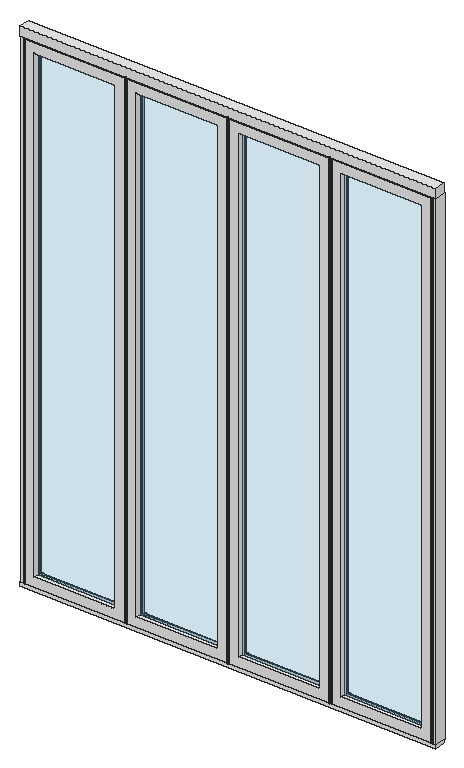
Revit family "98134", category Windows, host Wall, Revit 2018 (continued)
Definition of nested family "Sash_SL-70_NanaWall"
  Automatic sketch dimensions
    curve 2 to plane 8 "Left Interior Edge of Sash" = 0"
    curve 2 to plane 12 "Right Interior Edge of Sash" = 0"
    plane 8 "Left Interior Edge of Sash" to curve 3 = 0.27559"
    plane 11 "Left Edge" to curve 1 = 209/256"
    plane 12 "Right Interior Edge of Sash" to curve 3 = 0.26726"
    plane 13 "Right Edge" to curve 1 = 0.81559"
    plane 5 "Exterior" to curve 3 = 0.38207"
Definition of nested family "Header_SL-70"
  Parameters
    Width = 120"
    Height = 144"
    Header = none
    Half = no
    Assembly Code = ""
  Reference planes
    plane 1 "Center (Front/Back)": y = 0
    plane 2: z = 0
    plane 3 "Center (Left/Right)": x = -185.473
    plane 4 "Left": x = -1709.473
    plane 5 "Right": x = 1338.527
    plane 6 "Top": z = 3657.6
  Forms (mm)
    Sweep 1, solid, material <- "Header"
      path origin (-1704.233, -4572, 3657.6) x (-1, 0, 0) y (0, -1, 0)
        loop
          line (5.24, -4575.473) -> (-3042.76, -4575.473)
      profile origin (-185.473, 3.473, 3657.6) x (0, 1, 0) y (0, 0, 1)
        loop
          line (36.5, 0) -> (-43.5, 0) -> (-43.5, -65) -> (36.5, -65) -> (36.5, 0)
  Dimensions and locks
    equal spacing: plane 4 "Left", plane 3 "Center (Left/Right)", plane 5 "Right"
    "Width": plane 4 "Left" to plane 5 "Right"
    "Height": plane 6 "Top" to level
    aligned and locked: Sweep 1 to nested 1
    aligned and locked: plane 6 "Top" to nested 1
    aligned and locked: Sweep 1 sketch curve to nested 1  (x3)
  Automatic sketch dimensions
    Sweep 1 sketch curve to plane 5 "Right" = 0"
    Sweep 1 sketch curve to plane 4 "Left" = 0"
    Sweep 1 sketch curve to plane 1 "Center (Front/Back)" = 35/256"
    Sweep 1 sketch curve to plane 6 "Top" = 0"
  Nested families
    nested 1: "Detail Item_Header_SL-70" at (-185.473, 1.094, 3656.875) x (0, -1, 0) z (1, 0, 0), type "Detail Item_Header_SL-70", detail levels fine
      with Half no
  Definition of nested family "Detail Item_Header_SL-70"
    Parameters
      SmartBIM Object Version = 1
      SmartBIM Object Created By = "Reed Construction Data"
      Half = yes
      Assembly Code = ""
      95 CSI = ""
      04 CSI = ""
    Reference planes
      plane 1 "Center (Front/Back)": y = 0.725
      plane 2: z = 0
      plane 3 "Center (Left/Right)": x = 0
    Lines and regions (mm)
      model lines, in view "Ref. Level", visible <- "Half"
        curve 1: line (-27.079, -79.775, 0) -> (-27.079, -84.775, 0)
        curve 2: arc (22.521, -50.175, 0) -> (22.375, -49.821, 0) -> (22.021, -49.675, 0) r 0.5
        curve 3: arc (22.021, -53.075, 0) -> (22.375, -52.929, 0) -> (22.521, -52.575, 0) r 0.5
        curve 4: arc (20.521, -52.575, 0) -> (20.668, -52.929, 0) -> (21.021, -53.075, 0) r 0.5
        curve 5: arc (20.271, -53.875, 0) -> (20.165, -53.919, 0) -> (20.121, -54.025, 0) r 0.15
        curve 6: arc (18.921, -54.975, 0) -> (19.214, -55.682, 0) -> (19.921, -55.975, 0) r 1
        curve 7: arc (21.397, -54.512, 0) -> (21.406, -54.756, 0) -> (21.62, -54.875, 0) r 0.25
        curve 8: arc (17.338, -42.629, 0) -> (16.687, -45.806, 0) -> (16.734, -49.048, 0) r 15
        curve 9: arc (18.432, -43.151, 0) -> (17.874, -46, 0) -> (17.925, -48.902, 0) r 13.8
        curve 10: arc (21.919, -45.821, 0) -> (21.378, -43.628, 0) -> (19.979, -41.855, 0) r 5.341
        curve 11: arc (16.734, -49.048, 0) -> (17.403, -49.57, 0) -> (17.925, -48.902, 0) r 0.6
        curve 12: arc (20.121, -48.725, 0) -> (20.165, -48.831, 0) -> (20.271, -48.875, 0) r 0.15
        curve 13: arc (21.021, -49.675, 0) -> (20.668, -49.821, 0) -> (20.521, -50.175, 0) r 0.5
        curve 14: arc (20.271, -45.975, 0) -> (20.165, -46.019, 0) -> (20.121, -46.125, 0) r 0.15
        curve 15: arc (21.839, -47.875, 0) -> (21.625, -47.994, 0) -> (21.616, -48.238, 0) r 0.25
        curve 16: arc (21.769, -45.975, 0) -> (21.876, -45.93, 0) -> (21.919, -45.821, 0) r 0.15
        curve 17: arc (19.979, -41.855, 0) -> (18.453, -41.542, 0) -> (17.338, -42.629, 0) r 1.662
        curve 18: arc (18.921, -43.225, 0) -> (18.708, -42.978, 0) -> (18.432, -43.151, 0) r 0.25
        curve 19: arc (14.741, -95.583, 0) -> (15.465, -95.038, 0) -> (15.451, -94.131, 0) r 1
        curve 20: arc (11.929, -100.639, 0) -> (14.216, -99.615, 0) -> (15.446, -97.433, 0) r 4
        curve 21: arc (15.446, -97.433, 0) -> (15.339, -97.076, 0) -> (14.984, -96.962, 0) r 0.4
        curve 22: arc (11.929, -100.639, 0) -> (11.13, -101.658, 0) -> (12.177, -102.42, 0) r 0.9
        curve 23: arc (11.7, -96.119, 0) -> (11.132, -96.93, 0) -> (11.943, -97.498, 0) r 0.7
        curve 24: arc (12.628, -85.36, 0) -> (11.547, -85.027, 0) -> (11.214, -86.108, 0) r 0.8
        curve 25: arc (-13.558, -96.371, 0) -> (-14.47, -96.16, 0) -> (-15.405, -96.12, 0) r 5.106
        curve 26: arc (-16.712, -100.13, 0) -> (-15.487, -100.966, 0) -> (-14.089, -101.462, 0) r 5.76
        curve 27: arc (-15.929, -95.621, 0) -> (-15.774, -95.983, 0) -> (-15.405, -96.12, 0) r 0.5
        curve 28: arc (-18.948, -95.963, 0) -> (-18.321, -95.248, 0) -> (-18.095, -94.325, 0) r 2
        curve 29: arc (-15.929, -90.175, 0) -> (-16.133, -89.615, 0) -> (-16.679, -89.375, 0) r 0.759
        curve 30: arc (-18.095, -93.325, 0) -> (-18.321, -92.402, 0) -> (-18.948, -91.687, 0) r 2
        curve 31: arc (-19.258, -90.754, 0) -> (-19.402, -91.151, 0) -> (-19.191, -91.517, 0) r 0.5
        curve 32: arc (-19.191, -96.133, 0) -> (-19.402, -96.499, 0) -> (-19.258, -96.896, 0) r 0.5
        curve 33: arc (-16.879, -99.775, 0) -> (-16.831, -99.97, 0) -> (-16.712, -100.13, 0) r 0.5
        curve 34: arc (-14.089, -101.462, 0) -> (-13.25, -101.262, 0) -> (-12.879, -100.484, 0) r 1
        curve 35: arc (-12.879, -97.318, 0) -> (-13.066, -96.735, 0) -> (-13.558, -96.371, 0) r 1
        curve 37: line (23.421, -49.165, 0) -> (22.131, -47.875, 0)
        curve 38: line (21.912, -54.875, 0) -> (23.421, -53.365, 0)
        curve 39: line (18.921, -43.225, 0) -> (18.921, -54.975, 0)
        curve 40: line (20.121, -55.975, 0) -> (20.121, -54.025, 0)
        curve 41: line (20.271, -53.875, 0) -> (21.721, -53.875, 0)
        curve 42: line (21.721, -53.875, 0) -> (21.397, -54.512, 0)
        curve 43: line (21.62, -54.875, 0) -> (21.849, -54.875, 0)
        curve 44: line (22.021, -53.075, 0) -> (21.021, -53.075, 0)
        curve 45: line (21.616, -48.238, 0) -> (21.94, -48.875, 0)
        curve 46: line (21.94, -48.875, 0) -> (20.271, -48.875, 0)
        curve 47: line (21.021, -49.675, 0) -> (22.021, -49.675, 0)
        curve 48: line (20.521, -52.575, 0) -> (20.521, -50.175, 0)
        curve 49: line (20.121, -48.725, 0) -> (20.121, -46.125, 0)
        curve 50: line (22.068, -47.875, 0) -> (21.839, -47.875, 0)
        curve 51: line (20.271, -45.975, 0) -> (21.769, -45.975, 0)
        curve 52: line (23.421, -53.365, 0) -> (23.421, -49.165, 0)
        curve 53: line (22.521, -50.175, 0) -> (22.521, -52.575, 0)
        curve 54: line (-31.679, -62.925, 0) -> (-31.679, -58.125, 0)
        curve 55: line (-31.679, -58.125, 0) -> (-32.679, -58.125, 0)
        curve 56: line (-32.679, -58.125, 0) -> (-32.679, -62.925, 0)
        curve 57: line (-32.679, -62.925, 0) -> (-31.679, -62.925, 0)
        curve 58: line (-28.679, -60.525, 0) -> (-31.679, -60.525, 0)
        curve 59: line (-31.679, -60.525, 0) -> (-28.679, -59.996, 0)
        curve 60: line (-31.679, -59.51, 0) -> (-28.679, -58.981, 0)
        curve 61: line (-31.679, -60.017, 0) -> (-28.679, -59.488, 0)
        curve 62: line (-31.679, -60.525, 0) -> (-28.679, -61.054, 0)
        curve 63: line (-31.679, -61.033, 0) -> (-28.679, -61.562, 0)
        curve 64: line (-31.679, -61.54, 0) -> (-28.679, -62.069, 0)
        curve 65: line (41.121, -99.775, 0) -> (18.121, -99.775, 0)
        curve 66: line (18.121, -99.775, 0) -> (18.121, -97.275, 0)
        curve 67: line (18.121, -97.275, 0) -> (18.921, -97.275, 0)
        curve 68: line (18.921, -97.275, 0) -> (12.628, -85.36, 0)
        curve 69: line (14.741, -95.583, 0) -> (11.7, -96.119, 0)
        curve 70: line (11.943, -97.498, 0) -> (14.984, -96.962, 0)
        curve 71: line (12.177, -102.42, 0) -> (19.321, -101.161, 0)
        curve 72: line (19.321, -101.161, 0) -> (20.121, -99.775, 0)
        curve 73: line (20.121, -99.775, 0) -> (18.121, -99.775, 0)
        curve 74: line (11.214, -86.108, 0) -> (15.451, -94.131, 0)
        curve 75: line (-19.258, -90.754, 0) -> (-17.879, -89.375, 0)
        curve 76: line (-17.879, -89.375, 0) -> (-17.879, -90.175, 0)
        curve 77: line (-17.879, -90.175, 0) -> (-16.879, -90.175, 0)
        curve 78: line (-16.879, -90.175, 0) -> (-16.879, -89.375, 0)
        curve 79: line (-16.879, -89.375, 0) -> (-16.679, -89.375, 0)
        curve 80: line (-18.948, -91.687, 0) -> (-19.191, -91.517, 0)
        curve 81: line (-18.095, -94.325, 0) -> (-18.095, -93.325, 0)
        curve 82: line (-15.929, -90.175, 0) -> (-15.929, -95.621, 0)
        curve 83: line (-16.879, -99.775, 0) -> (-16.879, -97.275, 0)
        curve 84: line (-16.879, -97.275, 0) -> (-17.879, -97.275, 0)
        curve 85: line (-17.879, -97.275, 0) -> (-17.879, -98.275, 0)
        curve 86: line (-17.879, -98.275, 0) -> (-19.258, -96.896, 0)
        curve 87: line (-19.191, -96.133, 0) -> (-18.948, -95.963, 0)
        curve 88: line (-12.879, -100.484, 0) -> (-12.879, -97.318, 0)
        curve 173: arc (-9.611, -78.183, 0) -> (-9.504, -78.343, 0) -> (-9.321, -78.405, 0) r 0.3
        curve 174: arc (-8.679, -79.405, 0) -> (-8.113, -79.171, 0) -> (-7.879, -78.605, 0) r 0.8
        curve 175: arc (-8.822, -79.405, 0) -> (-8.937, -79.428, 0) -> (-9.034, -79.493, 0) r 0.3
        curve 176: arc (-9.452, -79.811, 0) -> (-9.367, -79.799, 0) -> (-9.294, -79.753, 0) r 0.2
        curve 177: arc (-10.953, -79.679, 0) -> (-11.695, -79.297, 0) -> (-12.379, -79.775, 0) r 0.808
        curve 178: arc (-16.179, -78.275, 0) -> (-16.338, -78.353, 0) -> (-16.372, -78.527, 0) r 0.2
        curve 179: arc (-27.079, -92.775, 0) -> (-25.633, -96.373, 0) -> (-22.1, -97.97, 0) r 5.2
        curve 180: arc (-22.1, -97.97, 0) -> (-21.733, -97.832, 0) -> (-21.579, -97.471, 0) r 0.5
        curve 181: arc (-20.079, -87.975, 0) -> (-21.14, -88.414, 0) -> (-21.579, -89.475, 0) r 1.5
        curve 182: arc (-16.879, -89.175, 0) -> (-17.23, -88.326, 0) -> (-18.079, -87.975, 0) r 1.2
        curve 183: arc (-28.879, -92.775, 0) -> (-26.829, -97.725, 0) -> (-21.879, -99.775, 0) r 7
        curve 184: arc (-28.879, -56.275, 0) -> (-26.55, -56.425, 0) -> (-24.22, -56.275, 0) r 18.161
        curve 185: arc (-24.079, -57.775, 0) -> (-23.92, -57.697, 0) -> (-23.886, -57.523, 0) r 0.2
        curve 186: arc (-16.372, -57.523, 0) -> (-16.338, -57.697, 0) -> (-16.179, -57.775, 0) r 0.2
        curve 187: arc (-12.379, -56.275, 0) -> (-11.695, -56.753, 0) -> (-10.953, -56.371, 0) r 0.808
        curve 188: arc (-9.242, -56.49, 0) -> (-9.282, -56.31, 0) -> (-9.452, -56.239, 0) r 0.2
        curve 189: arc (8.563, -78.405, 0) -> (8.746, -78.343, 0) -> (8.853, -78.183, 0) r 0.3
        curve 190: arc (7.121, -78.605, 0) -> (7.355, -79.171, 0) -> (7.921, -79.405, 0) r 0.8
        curve 191: arc (8.276, -79.493, 0) -> (8.179, -79.428, 0) -> (8.064, -79.405, 0) r 0.3
        curve 192: arc (8.536, -79.753, 0) -> (8.609, -79.799, 0) -> (8.695, -79.811, 0) r 0.2
        curve 193: arc (11.621, -79.775, 0) -> (10.937, -79.297, 0) -> (10.195, -79.679, 0) r 0.808
        curve 194: arc (15.614, -78.527, 0) -> (15.58, -78.353, 0) -> (15.421, -78.275, 0) r 0.2
        curve 195: arc (23.321, -78.275, 0) -> (23.162, -78.353, 0) -> (23.128, -78.527, 0) r 0.2
        curve 196: arc (28.614, -78.527, 0) -> (28.58, -78.353, 0) -> (28.421, -78.275, 0) r 0.2
        curve 197: arc (36.321, -78.275, 0) -> (36.162, -78.353, 0) -> (36.128, -78.527, 0) r 0.2
        curve 198: arc (41.121, -79.775, 0) -> (38.792, -79.625, 0) -> (36.462, -79.775, 0) r 18.161
        curve 199: arc (36.462, -41.275, 0) -> (38.792, -41.425, 0) -> (41.121, -41.275, 0) r 18.161
        curve 200: arc (36.128, -42.523, 0) -> (36.162, -42.697, 0) -> (36.321, -42.775, 0) r 0.2
        curve 201: arc (28.421, -42.775, 0) -> (28.58, -42.697, 0) -> (28.614, -42.523, 0) r 0.2
        curve 202: arc (26.034, -41.471, 0) -> (25.384, -41.792, 0) -> (25.121, -42.468, 0) r 1
        curve 203: arc (21.121, -46.175, 0) -> (20.414, -46.468, 0) -> (20.121, -47.175, 0) r 1
        curve 204: arc (20.121, -48.375, 0) -> (20.268, -48.729, 0) -> (20.621, -48.875, 0) r 0.5
        curve 205: arc (20.621, -53.875, 0) -> (20.268, -54.021, 0) -> (20.121, -54.375, 0) r 0.5
        curve 206: arc (13.621, -57.275, 0) -> (13.328, -56.568, 0) -> (12.621, -56.275, 0) r 1
        curve 207: arc (10.195, -56.371, 0) -> (10.937, -56.753, 0) -> (11.621, -56.275, 0) r 0.808
        curve 208: arc (8.695, -56.239, 0) -> (8.524, -56.31, 0) -> (8.484, -56.49, 0) r 0.2
        curve 488: line (-10.021, -76.652, 0) -> (-9.611, -78.183, 0)
        curve 489: line (-9.321, -78.405, 0) -> (-7.879, -78.405, 0)
        curve 490: line (-7.879, -78.405, 0) -> (-7.879, -78.605, 0)
        curve 491: line (-9.034, -79.493, 0) -> (-9.294, -79.753, 0)
        curve 492: line (-9.452, -79.811, 0) -> (-10.953, -79.679, 0)
        curve 493: line (-12.379, -79.775, 0) -> (-16.038, -79.775, 0)
        curve 494: line (-16.038, -79.775, 0) -> (-16.372, -78.527, 0)
        curve 495: line (-16.179, -78.275, 0) -> (-14.379, -78.275, 0)
        curve 496: line (-14.379, -78.275, 0) -> (-14.379, -74.875, 0)
        curve 497: line (-14.379, -74.875, 0) -> (-27.079, -74.875, 0)
        curve 498: line (-27.079, -74.875, 0) -> (-27.079, -78.275, 0)
        curve 499: line (-27.079, -78.275, 0) -> (-23.579, -78.775, 0)
        curve 500: line (-23.579, -78.775, 0) -> (-23.579, -79.775, 0)
        curve 501: line (-23.579, -79.775, 0) -> (-27.079, -79.775, 0)
        curve 502: line (-27.079, -79.775, 0) -> (-27.079, -92.775, 0)
        curve 503: line (-21.579, -97.471, 0) -> (-21.579, -89.475, 0)
        curve 504: line (-20.079, -87.975, 0) -> (-18.079, -87.975, 0)
        curve 505: line (-16.879, -89.175, 0) -> (-16.879, -90.175, 0)
        curve 506: line (-16.879, -90.175, 0) -> (-17.879, -90.175, 0)
        curve 507: line (-17.879, -90.175, 0) -> (-17.879, -89.175, 0)
        curve 508: line (-17.879, -89.175, 0) -> (-19.879, -89.175, 0)
        curve 509: line (-19.879, -89.175, 0) -> (-19.879, -98.275, 0)
        curve 510: line (-19.879, -98.275, 0) -> (-17.879, -98.275, 0)
        curve 511: line (-17.879, -98.275, 0) -> (-17.879, -97.275, 0)
        curve 512: line (-17.879, -97.275, 0) -> (-16.879, -97.275, 0)
        curve 513: line (-16.879, -97.275, 0) -> (-16.879, -99.775, 0)
        curve 514: line (-16.879, -99.775, 0) -> (-21.879, -99.775, 0)
        curve 515: line (-28.879, -92.775, 0) -> (-28.879, -56.275, 0)
        curve 516: line (-24.22, -56.275, 0) -> (-23.886, -57.523, 0)
        curve 517: line (-24.079, -57.775, 0) -> (-27.079, -57.775, 0)
        curve 519: line (-27.079, -61.175, 0) -> (-14.379, -61.175, 0)
        curve 520: line (-14.379, -61.175, 0) -> (-14.379, -57.775, 0)
        curve 521: line (-14.379, -57.775, 0) -> (-16.179, -57.775, 0)
        curve 522: line (-16.372, -57.523, 0) -> (-16.038, -56.275, 0)
        curve 523: line (-16.038, -56.275, 0) -> (-12.379, -56.275, 0)
        curve 524: line (-10.953, -56.371, 0) -> (-9.452, -56.239, 0)
        curve 525: line (-9.242, -56.49, 0) -> (-10.021, -59.398, 0)
        curve 526: line (9.263, -76.652, 0) -> (8.853, -78.183, 0)
        curve 527: line (8.563, -78.405, 0) -> (7.121, -78.405, 0)
        curve 529: line (8.276, -79.493, 0) -> (8.536, -79.753, 0)
        curve 530: line (8.695, -79.811, 0) -> (10.195, -79.679, 0)
        curve 531: line (11.621, -79.775, 0) -> (15.28, -79.775, 0)
        curve 532: line (15.28, -79.775, 0) -> (15.614, -78.527, 0)
        curve 533: line (15.421, -78.275, 0) -> (13.621, -78.275, 0)
        curve 534: line (13.621, -78.275, 0) -> (13.621, -74.875, 0)
        curve 535: line (13.621, -74.875, 0) -> (25.121, -74.875, 0)
        curve 536: line (25.121, -74.875, 0) -> (25.121, -78.275, 0)
        curve 537: line (25.121, -78.275, 0) -> (23.321, -78.275, 0)
        curve 538: line (23.128, -78.527, 0) -> (23.462, -79.775, 0)
        curve 539: line (23.462, -79.775, 0) -> (28.28, -79.775, 0)
        curve 540: line (28.28, -79.775, 0) -> (28.614, -78.527, 0)
        curve 541: line (28.421, -78.275, 0) -> (26.621, -78.275, 0)
        curve 542: line (26.621, -78.275, 0) -> (26.621, -74.875, 0)
        curve 543: line (26.621, -74.875, 0) -> (39.321, -74.875, 0)
        curve 544: line (39.321, -74.875, 0) -> (39.321, -78.275, 0)
        curve 545: line (39.321, -78.275, 0) -> (36.321, -78.275, 0)
        curve 546: line (36.128, -78.527, 0) -> (36.462, -79.775, 0)
        curve 547: line (41.121, -79.775, 0) -> (41.121, -41.275, 0)
        curve 548: line (36.462, -41.275, 0) -> (36.128, -42.523, 0)
        curve 549: line (36.321, -42.775, 0) -> (39.321, -42.775, 0)
        curve 550: line (39.321, -42.775, 0) -> (39.321, -46.175, 0)
        curve 551: line (39.321, -46.175, 0) -> (26.621, -46.175, 0)
        curve 552: line (26.621, -46.175, 0) -> (26.621, -42.775, 0)
        curve 553: line (26.621, -42.775, 0) -> (28.421, -42.775, 0)
        curve 554: line (28.614, -42.523, 0) -> (28.28, -41.275, 0)
        curve 555: line (28.28, -41.275, 0) -> (26.034, -41.471, 0)
        curve 556: line (25.121, -42.468, 0) -> (25.121, -46.175, 0)
        curve 557: line (25.121, -46.175, 0) -> (21.121, -46.175, 0)
        curve 558: line (20.121, -47.175, 0) -> (20.121, -48.375, 0)
        curve 559: line (20.621, -48.875, 0) -> (21.121, -48.875, 0)
        curve 560: line (21.121, -48.875, 0) -> (21.121, -47.875, 0)
        curve 561: line (21.121, -47.875, 0) -> (25.121, -47.875, 0)
        curve 562: line (25.121, -47.875, 0) -> (25.121, -54.875, 0)
        curve 563: line (25.121, -54.875, 0) -> (21.121, -54.875, 0)
        curve 564: line (21.121, -54.875, 0) -> (21.121, -53.875, 0)
        curve 565: line (21.121, -53.875, 0) -> (20.621, -53.875, 0)
        curve 566: line (20.121, -54.375, 0) -> (20.121, -61.175, 0)
        curve 567: line (20.121, -61.175, 0) -> (13.621, -61.175, 0)
        curve 568: line (13.621, -61.175, 0) -> (13.621, -57.275, 0)
        curve 569: line (12.621, -56.275, 0) -> (11.621, -56.275, 0)
        curve 570: line (10.195, -56.371, 0) -> (8.695, -56.239, 0)
        curve 571: line (8.484, -56.49, 0) -> (9.263, -59.398, 0)
        curve 572: arc (-28.879, -56.275, 0) -> (-26.55, -56.425, 0) -> (-24.22, -56.275, 0) r 18.161
        curve 573: arc (-24.079, -57.775, 0) -> (-23.92, -57.697, 0) -> (-23.886, -57.523, 0) r 0.2
        curve 574: arc (-11.666, -58.262, 0) -> (-11.973, -57.978, 0) -> (-12.379, -57.875, 0) r 0.85
        curve 575: arc (-16.372, -57.523, 0) -> (-16.338, -57.697, 0) -> (-16.179, -57.775, 0) r 0.2
        curve 576: arc (-12.379, -56.275, 0) -> (-11.695, -56.753, 0) -> (-10.953, -56.371, 0) r 0.808
        curve 577: arc (-9.242, -56.49, 0) -> (-9.282, -56.31, 0) -> (-9.452, -56.239, 0) r 0.2
        curve 578: arc (-11.579, -64.675, 0) -> (-10.377, -64.177, 0) -> (-9.879, -62.975, 0) r 1.7
        curve 579: arc (-11.979, -58.475, 0) -> (-12.262, -58.592, 0) -> (-12.379, -58.875, 0) r 0.4
        curve 580: arc (-11.666, -58.262, 0) -> (-11.546, -58.407, 0) -> (-11.395, -58.519, 0) r 0.8
        curve 581: arc (-12.379, -62.275, 0) -> (-12.262, -62.558, 0) -> (-11.979, -62.675, 0) r 0.4
        curve 582: arc (-11.879, -64.675, 0) -> (-12.232, -64.821, 0) -> (-12.379, -65.175, 0) r 0.5
        curve 583: arc (-9.992, -59.414, 0) -> (-9.703, -59.534, 0) -> (-9.392, -59.575, 0) r 1.2
        curve 584: arc (-9.879, -61.896, 0) -> (-9.904, -61.798, 0) -> (-9.974, -61.726, 0) r 0.2
        curve 585: arc (-9.392, -61.575, 0) -> (-9.703, -61.616, 0) -> (-9.992, -61.736, 0) r 1.2
        curve 586: arc (-28.879, -92.775, 0) -> (-26.829, -97.725, 0) -> (-21.879, -99.775, 0) r 7
        curve 587: arc (-27.079, -92.775, 0) -> (-25.633, -96.373, 0) -> (-22.1, -97.97, 0) r 5.2
        curve 588: arc (-20.079, -87.975, 0) -> (-21.14, -88.414, 0) -> (-21.579, -89.475, 0) r 1.5
        curve 589: arc (-16.879, -89.175, 0) -> (-17.23, -88.326, 0) -> (-18.079, -87.975, 0) r 1.2
        curve 590: arc (-22.1, -97.97, 0) -> (-21.733, -97.832, 0) -> (-21.579, -97.471, 0) r 0.5
        curve 591: arc (-9.879, -73.075, 0) -> (-10.377, -71.873, 0) -> (-11.579, -71.375, 0) r 1.7
        curve 592: arc (-12.379, -70.875, 0) -> (-12.232, -71.229, 0) -> (-11.879, -71.375, 0) r 0.5
        curve 593: arc (-11.979, -73.375, 0) -> (-12.262, -73.492, 0) -> (-12.379, -73.775, 0) r 0.4
        curve 594: arc (-16.179, -78.275, 0) -> (-16.338, -78.353, 0) -> (-16.372, -78.527, 0) r 0.2
        curve 595: arc (-12.379, -78.175, 0) -> (-11.973, -78.072, 0) -> (-11.666, -77.788, 0) r 0.85
        curve 596: arc (-12.379, -77.175, 0) -> (-12.262, -77.458, 0) -> (-11.979, -77.575, 0) r 0.4
        curve 597: arc (-11.395, -77.531, 0) -> (-11.546, -77.643, 0) -> (-11.666, -77.788, 0) r 0.8
        curve 598: arc (-10.953, -79.679, 0) -> (-11.695, -79.297, 0) -> (-12.379, -79.775, 0) r 0.808
        curve 599: arc (-9.974, -74.325, 0) -> (-9.904, -74.252, 0) -> (-9.879, -74.154, 0) r 0.2
        curve 600: arc (-9.992, -74.314, 0) -> (-9.703, -74.434, 0) -> (-9.392, -74.475, 0) r 1.2
        curve 601: arc (-8.679, -79.405, 0) -> (-8.113, -79.171, 0) -> (-7.879, -78.605, 0) r 0.8
        curve 602: arc (-9.611, -78.183, 0) -> (-9.504, -78.343, 0) -> (-9.321, -78.405, 0) r 0.3
        curve 603: arc (-9.392, -76.475, 0) -> (-9.703, -76.516, 0) -> (-9.992, -76.636, 0) r 1.2
        curve 604: arc (-9.452, -79.811, 0) -> (-9.367, -79.799, 0) -> (-9.294, -79.753, 0) r 0.2
        curve 605: arc (-8.822, -79.405, 0) -> (-8.937, -79.428, 0) -> (-9.034, -79.493, 0) r 0.3
        curve 606: arc (21.121, -46.175, 0) -> (20.414, -46.468, 0) -> (20.121, -47.175, 0) r 1
        curve 607: arc (26.034, -41.471, 0) -> (25.384, -41.792, 0) -> (25.121, -42.468, 0) r 1
        curve 608: arc (28.421, -42.775, 0) -> (28.58, -42.697, 0) -> (28.614, -42.523, 0) r 0.2
        curve 609: arc (11.621, -57.875, 0) -> (11.215, -57.978, 0) -> (10.908, -58.262, 0) r 0.85
        curve 610: arc (13.621, -57.275, 0) -> (13.328, -56.568, 0) -> (12.621, -56.275, 0) r 1
        curve 611: arc (8.695, -56.239, 0) -> (8.524, -56.31, 0) -> (8.484, -56.49, 0) r 0.2
        curve 612: arc (10.195, -56.371, 0) -> (10.937, -56.753, 0) -> (11.621, -56.275, 0) r 0.808
        curve 613: arc (9.121, -62.975, 0) -> (9.619, -64.177, 0) -> (10.821, -64.675, 0) r 1.7
        curve 614: arc (8.634, -59.575, 0) -> (8.945, -59.534, 0) -> (9.234, -59.414, 0) r 1.2
        curve 615: arc (9.216, -61.725, 0) -> (9.146, -61.798, 0) -> (9.121, -61.896, 0) r 0.2
        curve 616: arc (9.234, -61.736, 0) -> (8.945, -61.616, 0) -> (8.634, -61.575, 0) r 1.2
        curve 617: arc (11.621, -58.875, 0) -> (11.504, -58.592, 0) -> (11.221, -58.475, 0) r 0.4
        curve 618: arc (10.637, -58.519, 0) -> (10.788, -58.407, 0) -> (10.908, -58.262, 0) r 0.8
        curve 619: arc (11.221, -62.675, 0) -> (11.504, -62.558, 0) -> (11.621, -62.275, 0) r 0.4
        curve 620: arc (11.621, -65.175, 0) -> (11.475, -64.821, 0) -> (11.121, -64.675, 0) r 0.5
        curve 621: arc (20.121, -48.375, 0) -> (20.268, -48.729, 0) -> (20.621, -48.875, 0) r 0.5
        curve 622: arc (20.621, -53.875, 0) -> (20.268, -54.021, 0) -> (20.121, -54.375, 0) r 0.5
        curve 623: arc (25.121, -56.575, 0) -> (26.323, -56.077, 0) -> (26.821, -54.875, 0) r 1.7
        curve 624: arc (20.121, -62.875, 0) -> (21.323, -62.377, 0) -> (21.821, -61.175, 0) r 1.7
        curve 625: arc (36.128, -42.523, 0) -> (36.162, -42.697, 0) -> (36.321, -42.775, 0) r 0.2
        curve 626: arc (36.462, -41.275, 0) -> (38.792, -41.425, 0) -> (41.121, -41.275, 0) r 18.161
        curve 627: arc (38.321, -61.175, 0) -> (37.614, -61.468, 0) -> (37.321, -62.175, 0) r 1
        curve 628: arc (10.821, -71.375, 0) -> (9.619, -71.873, 0) -> (9.121, -73.075, 0) r 1.7
        curve 629: arc (9.121, -74.154, 0) -> (9.147, -74.252, 0) -> (9.217, -74.324, 0) r 0.2
        curve 630: arc (8.634, -74.475, 0) -> (8.945, -74.434, 0) -> (9.234, -74.314, 0) r 1.2
        curve 631: arc (11.121, -71.375, 0) -> (11.475, -71.229, 0) -> (11.621, -70.875, 0) r 0.5
        curve 632: arc (11.621, -73.775, 0) -> (11.504, -73.492, 0) -> (11.221, -73.375, 0) r 0.4
        curve 633: arc (7.121, -78.605, 0) -> (7.355, -79.171, 0) -> (7.921, -79.405, 0) r 0.8
        curve 634: arc (8.563, -78.405, 0) -> (8.746, -78.343, 0) -> (8.853, -78.183, 0) r 0.3
        curve 635: arc (9.234, -76.636, 0) -> (8.945, -76.516, 0) -> (8.634, -76.475, 0) r 1.2
        curve 636: arc (8.276, -79.493, 0) -> (8.179, -79.428, 0) -> (8.064, -79.405, 0) r 0.3
        curve 637: arc (8.536, -79.753, 0) -> (8.609, -79.799, 0) -> (8.695, -79.811, 0) r 0.2
        curve 638: arc (10.908, -77.788, 0) -> (11.215, -78.072, 0) -> (11.621, -78.175, 0) r 0.85
        curve 639: arc (11.221, -77.575, 0) -> (11.504, -77.458, 0) -> (11.621, -77.175, 0) r 0.4
        curve 640: arc (10.908, -77.788, 0) -> (10.788, -77.643, 0) -> (10.637, -77.531, 0) r 0.8
        curve 641: arc (11.621, -79.775, 0) -> (10.937, -79.297, 0) -> (10.195, -79.679, 0) r 0.808
        curve 642: arc (15.614, -78.527, 0) -> (15.58, -78.353, 0) -> (15.421, -78.275, 0) r 0.2
        curve 643: arc (23.321, -78.275, 0) -> (23.162, -78.353, 0) -> (23.128, -78.527, 0) r 0.2
        curve 644: arc (28.614, -78.527, 0) -> (28.58, -78.353, 0) -> (28.421, -78.275, 0) r 0.2
        curve 645: arc (36.321, -78.275, 0) -> (36.162, -78.353, 0) -> (36.128, -78.527, 0) r 0.2
        curve 646: arc (41.121, -79.775, 0) -> (38.792, -79.625, 0) -> (36.462, -79.775, 0) r 18.161
        curve 647: arc (19.121, -87.775, 0) -> (18.414, -88.068, 0) -> (18.121, -88.775, 0) r 1
        curve 648: arc (19.121, -87.775, 0) -> (18.414, -88.068, 0) -> (18.121, -88.775, 0) r 1
        curve 649: arc (19.121, -87.775, 0) -> (18.414, -88.068, 0) -> (18.121, -88.775, 0) r 1
        curve 650: arc (19.121, -87.775, 0) -> (18.414, -88.068, 0) -> (18.121, -88.775, 0) r 1
        curve 651: arc (18.121, -89.875, 0) -> (18.209, -90.087, 0) -> (18.421, -90.175, 0) r 0.3
        curve 652: arc (18.121, -89.875, 0) -> (18.209, -90.087, 0) -> (18.421, -90.175, 0) r 0.3
        curve 653: arc (18.121, -89.875, 0) -> (18.209, -90.087, 0) -> (18.421, -90.175, 0) r 0.3
        curve 654: arc (18.121, -89.875, 0) -> (18.209, -90.087, 0) -> (18.421, -90.175, 0) r 0.3
        curve 655: arc (18.421, -97.275, 0) -> (18.209, -97.363, 0) -> (18.121, -97.575, 0) r 0.3
        curve 656: arc (18.421, -97.275, 0) -> (18.209, -97.363, 0) -> (18.121, -97.575, 0) r 0.3
        curve 657: arc (18.421, -97.275, 0) -> (18.209, -97.363, 0) -> (18.121, -97.575, 0) r 0.3
        curve 658: arc (18.421, -97.275, 0) -> (18.209, -97.363, 0) -> (18.121, -97.575, 0) r 0.3
        curve 659: arc (35.121, -80.175, 0) -> (35.473, -81.024, 0) -> (36.321, -81.375, 0) r 1.2
        curve 660: arc (27.521, -80.968, 0) -> (27.559, -81.159, 0) -> (27.668, -81.321, 0) r 0.5
        curve 661: arc (35.121, -80.175, 0) -> (35.473, -81.024, 0) -> (36.321, -81.375, 0) r 1.2
        curve 662: arc (27.521, -80.968, 0) -> (27.559, -81.159, 0) -> (27.668, -81.321, 0) r 0.5
        curve 663: arc (35.121, -80.175, 0) -> (35.473, -81.024, 0) -> (36.321, -81.375, 0) r 1.2
        curve 664: arc (27.521, -80.968, 0) -> (27.559, -81.159, 0) -> (27.668, -81.321, 0) r 0.5
        curve 665: arc (35.121, -80.175, 0) -> (35.473, -81.024, 0) -> (36.321, -81.375, 0) r 1.2
        curve 666: arc (27.521, -80.968, 0) -> (27.559, -81.159, 0) -> (27.668, -81.321, 0) r 0.5
        curve 667: arc (28.229, -76.475, 0) -> (27.979, -76.542, 0) -> (27.796, -76.725, 0) r 0.5
        curve 668: arc (28.229, -76.475, 0) -> (27.979, -76.542, 0) -> (27.796, -76.725, 0) r 0.5
        curve 669: arc (28.229, -76.475, 0) -> (27.979, -76.542, 0) -> (27.796, -76.725, 0) r 0.5
        curve 670: arc (28.229, -76.475, 0) -> (27.979, -76.542, 0) -> (27.796, -76.725, 0) r 0.5
        curve 671: arc (29.321, -76.975, 0) -> (29.175, -76.621, 0) -> (28.821, -76.475, 0) r 0.5
        curve 672: arc (29.321, -76.975, 0) -> (29.175, -76.621, 0) -> (28.821, -76.475, 0) r 0.5
        curve 673: arc (29.321, -76.975, 0) -> (29.175, -76.621, 0) -> (28.821, -76.475, 0) r 0.5
        curve 674: arc (29.321, -76.975, 0) -> (29.175, -76.621, 0) -> (28.821, -76.475, 0) r 0.5
        curve 675: arc (27.161, -77.825, 0) -> (27.161, -78.125, 0) -> (27.421, -78.275, 0) r 0.3
        curve 676: arc (27.161, -77.825, 0) -> (27.161, -78.125, 0) -> (27.421, -78.275, 0) r 0.3
        curve 677: arc (27.161, -77.825, 0) -> (27.161, -78.125, 0) -> (27.421, -78.275, 0) r 0.3
        curve 678: arc (27.161, -77.825, 0) -> (27.161, -78.125, 0) -> (27.421, -78.275, 0) r 0.3
        curve 679: arc (36.38, -77.451, 0) -> (36.438, -77.309, 0) -> (36.38, -77.168, 0) r 0.2
        curve 680: arc (36.38, -77.451, 0) -> (36.438, -77.309, 0) -> (36.38, -77.168, 0) r 0.2
        curve 681: arc (36.38, -77.451, 0) -> (36.438, -77.309, 0) -> (36.38, -77.168, 0) r 0.2
        curve 682: arc (36.38, -77.451, 0) -> (36.438, -77.309, 0) -> (36.38, -77.168, 0) r 0.2
        curve 683: arc (35.804, -76.592, 0) -> (35.368, -76.505, 0) -> (35.121, -76.875, 0) r 0.4
        curve 684: arc (35.804, -76.592, 0) -> (35.368, -76.505, 0) -> (35.121, -76.875, 0) r 0.4
        curve 685: arc (35.804, -76.592, 0) -> (35.368, -76.505, 0) -> (35.121, -76.875, 0) r 0.4
        curve 686: arc (35.804, -76.592, 0) -> (35.368, -76.505, 0) -> (35.121, -76.875, 0) r 0.4
        curve 687: arc (22.321, -88.975, 0) -> (21.97, -88.126, 0) -> (21.121, -87.775, 0) r 1.2
        curve 688: arc (22.321, -88.975, 0) -> (21.97, -88.126, 0) -> (21.121, -87.775, 0) r 1.2
        curve 689: arc (22.321, -88.975, 0) -> (21.97, -88.126, 0) -> (21.121, -87.775, 0) r 1.2
        curve 690: arc (22.321, -88.975, 0) -> (21.97, -88.126, 0) -> (21.121, -87.775, 0) r 1.2
        curve 691: arc (28.121, -81.982, 0) -> (28.083, -81.791, 0) -> (27.975, -81.629, 0) r 0.5
        curve 692: arc (28.121, -81.982, 0) -> (28.083, -81.791, 0) -> (27.975, -81.629, 0) r 0.5
        curve 693: arc (28.121, -81.982, 0) -> (28.083, -81.791, 0) -> (27.975, -81.629, 0) r 0.5
        curve 694: arc (28.121, -81.982, 0) -> (28.083, -81.791, 0) -> (27.975, -81.629, 0) r 0.5
        curve 695: line (8.634, -61.575, 0) -> (-9.392, -61.575, 0)
        curve 696: line (8.634, -59.575, 0) -> (-9.392, -59.575, 0)
        curve 697: line (8.634, -76.475, 0) -> (-9.392, -76.475, 0)
        curve 698: line (8.634, -74.475, 0) -> (-9.392, -74.475, 0)
        curve 699: line (-12.379, -65.175, 0) -> (-12.379, -70.875, 0)
        curve 700: line (-27.079, -73.175, 0) -> (-27.079, -62.875, 0)
        curve 701: line (-27.079, -62.875, 0) -> (-14.379, -62.875, 0)
        curve 702: line (-14.379, -62.875, 0) -> (-14.379, -73.175, 0)
        curve 703: line (-14.379, -73.175, 0) -> (-27.079, -73.175, 0)
        curve 704: line (-28.879, -92.775, 0) -> (-28.879, -56.275, 0)
        curve 705: line (-16.179, -57.775, 0) -> (-14.379, -57.775, 0)
        curve 706: line (-14.379, -57.775, 0) -> (-14.379, -61.175, 0)
        curve 707: line (-14.379, -61.175, 0) -> (-27.079, -61.175, 0)
        curve 708: line (-27.079, -61.175, 0) -> (-27.079, -57.775, 0)
        curve 709: line (-27.079, -57.775, 0) -> (-24.079, -57.775, 0)
        curve 710: line (-23.886, -57.523, 0) -> (-24.22, -56.275, 0)
        curve 711: line (-9.242, -56.49, 0) -> (-10.021, -59.398, 0)
        curve 712: line (-10.953, -56.371, 0) -> (-9.452, -56.239, 0)
        curve 713: line (-16.372, -57.523, 0) -> (-16.038, -56.275, 0)
        curve 714: line (-16.038, -56.275, 0) -> (-12.379, -56.275, 0)
        curve 715: line (-10.354, -59.121, 0) -> (-11.395, -58.519, 0)
        curve 716: line (-10.021, -59.398, 0) -> (-11.619, -58.475, 0)
        curve 717: line (-11.619, -58.475, 0) -> (-11.979, -58.475, 0)
        curve 718: line (-9.974, -61.726, 0) -> (-11.619, -62.675, 0)
        curve 719: line (-11.619, -62.675, 0) -> (-12.379, -62.675, 0)
        curve 720: line (-12.379, -62.675, 0) -> (-12.379, -57.875, 0)
        curve 721: line (-11.579, -64.675, 0) -> (-11.879, -64.675, 0)
        curve 722: line (-9.879, -61.896, 0) -> (-9.879, -62.975, 0)
        curve 723: line (-21.579, -97.471, 0) -> (-21.579, -89.475, 0)
        curve 724: line (-16.179, -78.275, 0) -> (-14.379, -78.275, 0)
        curve 725: line (-14.379, -78.275, 0) -> (-14.379, -74.875, 0)
        curve 726: line (-14.379, -74.875, 0) -> (-27.079, -74.875, 0)
        curve 727: line (-27.079, -74.875, 0) -> (-27.079, -78.275, 0)
        curve 728: line (-27.079, -78.275, 0) -> (-23.579, -78.775, 0)
        curve 729: line (-23.579, -78.775, 0) -> (-23.579, -79.775, 0)
        curve 730: line (-23.579, -79.775, 0) -> (-27.079, -79.775, 0)
        curve 731: line (-27.079, -79.775, 0) -> (-27.079, -92.775, 0)
        curve 732: line (-20.079, -87.975, 0) -> (-18.079, -87.975, 0)
        curve 733: line (-16.879, -89.175, 0) -> (-16.879, -90.175, 0)
        curve 734: line (-16.879, -90.175, 0) -> (-17.879, -90.175, 0)
        curve 735: line (-17.879, -90.175, 0) -> (-17.879, -89.175, 0)
        curve 736: line (-17.879, -89.175, 0) -> (-19.879, -89.175, 0)
        curve 737: line (-19.879, -89.175, 0) -> (-19.879, -98.275, 0)
        curve 738: line (-19.879, -98.275, 0) -> (-17.879, -98.275, 0)
        curve 739: line (-17.879, -98.275, 0) -> (-17.879, -97.275, 0)
        curve 740: line (-17.879, -97.275, 0) -> (-16.879, -97.275, 0)
        curve 741: line (-16.879, -97.275, 0) -> (-16.879, -99.775, 0)
        curve 742: line (-16.879, -99.775, 0) -> (-21.879, -99.775, 0)
        curve 743: line (-9.452, -79.811, 0) -> (-10.953, -79.679, 0)
        curve 744: line (-11.395, -77.531, 0) -> (-10.354, -76.929, 0)
        curve 745: line (-10.021, -76.652, 0) -> (-11.619, -77.575, 0)
        curve 746: line (-11.619, -77.575, 0) -> (-11.979, -77.575, 0)
        curve 747: line (-9.974, -74.325, 0) -> (-11.619, -73.375, 0)
        curve 748: line (-11.619, -73.375, 0) -> (-12.379, -73.375, 0)
        curve 749: line (-12.379, -73.375, 0) -> (-12.379, -78.175, 0)
        curve 750: line (-11.879, -71.375, 0) -> (-11.579, -71.375, 0)
        curve 751: line (-12.379, -79.775, 0) -> (-16.038, -79.775, 0)
        curve 752: line (-16.038, -79.775, 0) -> (-16.372, -78.527, 0)
        curve 753: line (-9.879, -73.075, 0) -> (-9.879, -74.154, 0)
        curve 754: line (-9.321, -78.405, 0) -> (-7.879, -78.405, 0)
        curve 755: line (-7.879, -78.405, 0) -> (-7.879, -78.605, 0)
        curve 756: line (-10.021, -76.652, 0) -> (-9.611, -78.183, 0)
        curve 757: line (-9.034, -79.493, 0) -> (-9.294, -79.753, 0)
        curve 758: line (41.121, -41.275, 0) -> (41.121, -79.775, 0)
        curve 759: line (41.121, -79.775, 0) -> (41.121, -99.775, 0)
        curve 760: line (41.121, -99.775, 0) -> (41.121, -79.775, 0)
        curve 761: line (41.121, -79.775, 0) -> (41.121, -99.775, 0)
        curve 762: line (41.121, -99.775, 0) -> (41.121, -79.775, 0)
        curve 763: line (41.121, -79.775, 0) -> (39.921, -79.775, 0)
        curve 764: line (39.921, -79.775, 0) -> (41.121, -79.775, 0)
        curve 765: line (41.121, -79.775, 0) -> (39.921, -79.775, 0)
        curve 766: line (39.921, -79.775, 0) -> (41.121, -79.775, 0)
        curve 767: line (37.321, -62.175, 0) -> (37.321, -62.875, 0)
        curve 768: line (37.321, -62.875, 0) -> (39.321, -62.875, 0)
        curve 769: line (39.321, -62.875, 0) -> (39.321, -73.175, 0)
        curve 770: line (39.321, -73.175, 0) -> (13.621, -73.175, 0)
        curve 771: line (13.621, -73.175, 0) -> (13.621, -62.875, 0)
        curve 772: line (13.621, -62.875, 0) -> (20.121, -62.875, 0)
        curve 773: line (11.621, -70.875, 0) -> (11.621, -65.175, 0)
        curve 774: line (26.821, -54.875, 0) -> (26.821, -47.875, 0)
        curve 775: line (26.821, -47.875, 0) -> (39.321, -47.875, 0)
        curve 776: line (39.321, -47.875, 0) -> (39.321, -61.175, 0)
        curve 777: line (39.321, -61.175, 0) -> (38.321, -61.175, 0)
        curve 778: line (21.121, -46.175, 0) -> (25.121, -46.175, 0)
        curve 779: line (25.121, -46.175, 0) -> (25.121, -42.468, 0)
        curve 780: line (28.614, -42.523, 0) -> (28.28, -41.275, 0)
        curve 781: line (28.28, -41.275, 0) -> (26.034, -41.471, 0)
        curve 782: line (13.621, -57.275, 0) -> (13.621, -61.175, 0)
        curve 783: line (13.621, -61.175, 0) -> (20.121, -61.175, 0)
        curve 784: line (20.121, -61.175, 0) -> (20.121, -54.375, 0)
        curve 785: line (9.263, -59.398, 0) -> (8.484, -56.49, 0)
        curve 786: line (8.695, -56.239, 0) -> (10.195, -56.371, 0)
        curve 787: line (11.621, -56.275, 0) -> (12.621, -56.275, 0)
        curve 788: line (11.221, -58.475, 0) -> (10.861, -58.475, 0)
        curve 789: line (10.861, -58.475, 0) -> (9.263, -59.398, 0)
        curve 790: line (10.637, -58.519, 0) -> (9.596, -59.121, 0)
        curve 791: line (11.621, -57.875, 0) -> (11.621, -62.675, 0)
        curve 792: line (11.621, -62.675, 0) -> (10.861, -62.675, 0)
        curve 793: line (10.861, -62.675, 0) -> (9.216, -61.725, 0)
        curve 794: line (9.121, -62.975, 0) -> (9.121, -61.896, 0)
        curve 795: line (11.121, -64.675, 0) -> (10.821, -64.675, 0)
        curve 796: line (21.821, -61.175, 0) -> (21.821, -56.575, 0)
        curve 797: line (21.821, -56.575, 0) -> (25.121, -56.575, 0)
        curve 798: line (20.621, -48.875, 0) -> (21.121, -48.875, 0)
        curve 799: line (21.121, -48.875, 0) -> (21.121, -47.875, 0)
        curve 800: line (21.121, -47.875, 0) -> (25.121, -47.875, 0)
        curve 801: line (25.121, -47.875, 0) -> (25.121, -54.875, 0)
        curve 802: line (25.121, -54.875, 0) -> (21.121, -54.875, 0)
        curve 803: line (21.121, -54.875, 0) -> (21.121, -53.875, 0)
        curve 804: line (21.121, -53.875, 0) -> (20.621, -53.875, 0)
        curve 805: line (20.121, -48.375, 0) -> (20.121, -47.175, 0)
        curve 806: line (36.462, -41.275, 0) -> (36.128, -42.523, 0)
        curve 807: line (36.321, -42.775, 0) -> (39.321, -42.775, 0)
        curve 808: line (39.321, -42.775, 0) -> (39.321, -46.175, 0)
        curve 809: line (39.321, -46.175, 0) -> (26.621, -46.175, 0)
        curve 810: line (26.621, -46.175, 0) -> (26.621, -42.775, 0)
        curve 811: line (26.621, -42.775, 0) -> (28.421, -42.775, 0)
        curve 812: line (28.421, -78.275, 0) -> (26.621, -78.275, 0)
        curve 813: line (26.621, -78.275, 0) -> (26.621, -74.875, 0)
        curve 814: line (26.621, -74.875, 0) -> (39.321, -74.875, 0)
        curve 815: line (39.321, -74.875, 0) -> (39.321, -78.275, 0)
        curve 816: line (39.321, -78.275, 0) -> (36.321, -78.275, 0)
        curve 817: line (15.614, -78.527, 0) -> (15.28, -79.775, 0)
        curve 818: line (15.28, -79.775, 0) -> (11.621, -79.775, 0)
        curve 819: line (11.621, -78.175, 0) -> (11.621, -73.375, 0)
        curve 820: line (11.621, -73.375, 0) -> (10.861, -73.375, 0)
        curve 821: line (10.861, -73.375, 0) -> (9.217, -74.324, 0)
        curve 822: line (9.121, -74.154, 0) -> (9.121, -73.075, 0)
        curve 823: line (10.821, -71.375, 0) -> (11.121, -71.375, 0)
        curve 824: line (10.195, -79.679, 0) -> (8.695, -79.811, 0)
        curve 825: line (11.221, -77.575, 0) -> (10.861, -77.575, 0)
        curve 826: line (10.861, -77.575, 0) -> (9.263, -76.652, 0)
        curve 827: line (9.596, -76.929, 0) -> (10.637, -77.531, 0)
        curve 829: line (7.121, -78.405, 0) -> (8.563, -78.405, 0)
        curve 830: line (8.853, -78.183, 0) -> (9.263, -76.652, 0)
        curve 831: line (8.536, -79.753, 0) -> (8.276, -79.493, 0)
        curve 832: line (28.614, -78.527, 0) -> (28.28, -79.775, 0)
        curve 833: line (28.28, -79.775, 0) -> (23.462, -79.775, 0)
        curve 834: line (23.462, -79.775, 0) -> (23.128, -78.527, 0)
        curve 835: line (15.421, -78.275, 0) -> (13.621, -78.275, 0)
        curve 836: line (13.621, -78.275, 0) -> (13.621, -74.875, 0)
        curve 837: line (13.621, -74.875, 0) -> (25.121, -74.875, 0)
        curve 838: line (25.121, -74.875, 0) -> (25.121, -78.275, 0)
        curve 839: line (25.121, -78.275, 0) -> (23.321, -78.275, 0)
        curve 840: line (36.128, -78.527, 0) -> (36.462, -79.775, 0)
        curve 841: line (21.121, -98.375, 0) -> (21.121, -88.975, 0)
        curve 842: line (21.121, -88.975, 0) -> (21.121, -98.375, 0)
        curve 843: line (21.121, -98.375, 0) -> (21.121, -88.975, 0)
        curve 844: line (21.121, -88.975, 0) -> (19.121, -88.975, 0)
        curve 845: line (19.121, -88.975, 0) -> (21.121, -88.975, 0)
        curve 846: line (21.121, -88.975, 0) -> (19.121, -88.975, 0)
        curve 847: line (19.121, -88.975, 0) -> (21.121, -88.975, 0)
        curve 848: line (21.121, -88.975, 0) -> (21.121, -98.375, 0)
        curve 849: line (21.121, -87.775, 0) -> (19.121, -87.775, 0)
        curve 850: line (19.121, -87.775, 0) -> (21.121, -87.775, 0)
        curve 851: line (21.121, -87.775, 0) -> (19.121, -87.775, 0)
        curve 852: line (19.121, -87.775, 0) -> (21.121, -87.775, 0)
        curve 853: line (18.121, -97.575, 0) -> (18.121, -99.775, 0)
        curve 854: line (18.121, -99.775, 0) -> (18.121, -97.575, 0)
        curve 855: line (18.121, -97.575, 0) -> (18.121, -99.775, 0)
        curve 856: line (18.121, -99.775, 0) -> (41.121, -99.775, 0)
        curve 857: line (41.121, -99.775, 0) -> (18.121, -99.775, 0)
        curve 858: line (18.121, -99.775, 0) -> (41.121, -99.775, 0)
        curve 859: line (41.121, -99.775, 0) -> (18.121, -99.775, 0)
        curve 860: line (18.121, -99.775, 0) -> (18.121, -97.575, 0)
        curve 861: line (18.121, -88.775, 0) -> (18.121, -89.875, 0)
        curve 862: line (18.121, -89.875, 0) -> (18.121, -88.775, 0)
        curve 863: line (18.121, -88.775, 0) -> (18.121, -89.875, 0)
        curve 864: line (18.121, -89.875, 0) -> (18.121, -88.775, 0)
        curve 865: line (19.121, -88.975, 0) -> (19.121, -90.175, 0)
        curve 866: line (19.121, -90.175, 0) -> (19.121, -88.975, 0)
        curve 867: line (19.121, -88.975, 0) -> (19.121, -90.175, 0)
        curve 868: line (19.121, -90.175, 0) -> (19.121, -88.975, 0)
        curve 869: line (19.121, -90.175, 0) -> (18.421, -90.175, 0)
        curve 870: line (18.421, -90.175, 0) -> (19.121, -90.175, 0)
        curve 871: line (19.121, -90.175, 0) -> (18.421, -90.175, 0)
        curve 872: line (18.421, -90.175, 0) -> (19.121, -90.175, 0)
        curve 873: line (19.121, -97.275, 0) -> (19.121, -98.375, 0)
        curve 874: line (19.121, -98.375, 0) -> (21.121, -98.375, 0)
        curve 875: line (21.121, -98.375, 0) -> (19.121, -98.375, 0)
        curve 876: line (19.121, -98.375, 0) -> (21.121, -98.375, 0)
        curve 877: line (21.121, -98.375, 0) -> (19.121, -98.375, 0)
        curve 878: line (19.121, -98.375, 0) -> (19.121, -97.275, 0)
        curve 879: line (19.121, -97.275, 0) -> (19.121, -98.375, 0)
        curve 880: line (19.121, -98.375, 0) -> (19.121, -97.275, 0)
        curve 881: line (19.121, -97.275, 0) -> (18.421, -97.275, 0)
        curve 882: line (18.421, -97.275, 0) -> (19.121, -97.275, 0)
        curve 883: line (19.121, -97.275, 0) -> (18.421, -97.275, 0)
        curve 884: line (18.421, -97.275, 0) -> (19.121, -97.275, 0)
        curve 885: line (28.121, -98.375, 0) -> (22.321, -98.375, 0)
        curve 886: line (22.321, -98.375, 0) -> (22.321, -88.975, 0)
        curve 887: line (22.321, -88.975, 0) -> (22.321, -98.375, 0)
        curve 888: line (22.321, -98.375, 0) -> (22.321, -88.975, 0)
        curve 889: line (22.321, -88.975, 0) -> (22.321, -98.375, 0)
        curve 890: line (22.321, -98.375, 0) -> (28.121, -98.375, 0)
        curve 891: line (28.121, -98.375, 0) -> (22.321, -98.375, 0)
        curve 892: line (22.321, -98.375, 0) -> (28.121, -98.375, 0)
        curve 893: line (39.721, -98.375, 0) -> (29.321, -98.375, 0)
        curve 894: line (29.321, -98.375, 0) -> (29.321, -76.975, 0)
        curve 895: line (29.321, -76.975, 0) -> (29.321, -98.375, 0)
        curve 896: line (29.321, -98.375, 0) -> (29.321, -76.975, 0)
        curve 897: line (29.321, -76.975, 0) -> (29.321, -98.375, 0)
        curve 898: line (29.321, -98.375, 0) -> (39.721, -98.375, 0)
        curve 899: line (39.721, -98.375, 0) -> (29.321, -98.375, 0)
        curve 900: line (29.321, -98.375, 0) -> (39.721, -98.375, 0)
        curve 901: line (28.121, -81.982, 0) -> (28.121, -98.375, 0)
        curve 902: line (28.121, -98.375, 0) -> (28.121, -81.982, 0)
        curve 903: line (28.121, -81.982, 0) -> (28.121, -98.375, 0)
        curve 904: line (28.121, -98.375, 0) -> (28.121, -81.982, 0)
        curve 905: line (36.321, -81.375, 0) -> (39.721, -81.375, 0)
        curve 906: line (39.721, -81.375, 0) -> (39.721, -98.375, 0)
        curve 907: line (39.721, -98.375, 0) -> (39.721, -81.375, 0)
        curve 908: line (39.721, -81.375, 0) -> (39.721, -98.375, 0)
        curve 909: line (39.721, -98.375, 0) -> (39.721, -81.375, 0)
        curve 910: line (39.721, -81.375, 0) -> (36.321, -81.375, 0)
        curve 911: line (36.321, -81.375, 0) -> (39.721, -81.375, 0)
        curve 912: line (39.721, -81.375, 0) -> (36.321, -81.375, 0)
        curve 913: line (39.921, -79.775, 0) -> (39.921, -80.175, 0)
        curve 914: line (39.921, -80.175, 0) -> (36.121, -80.175, 0)
        curve 915: line (36.121, -80.175, 0) -> (39.921, -80.175, 0)
        curve 916: line (39.921, -80.175, 0) -> (36.121, -80.175, 0)
        curve 917: line (36.121, -80.175, 0) -> (39.921, -80.175, 0)
        curve 918: line (39.921, -80.175, 0) -> (39.921, -79.775, 0)
        curve 919: line (39.921, -79.775, 0) -> (39.921, -80.175, 0)
        curve 920: line (39.921, -80.175, 0) -> (39.921, -79.775, 0)
        curve 921: line (27.796, -76.725, 0) -> (27.161, -77.825, 0)
        curve 922: line (27.161, -77.825, 0) -> (27.796, -76.725, 0)
        curve 923: line (27.796, -76.725, 0) -> (27.161, -77.825, 0)
        curve 924: line (27.161, -77.825, 0) -> (27.796, -76.725, 0)
        curve 925: line (28.821, -76.475, 0) -> (28.229, -76.475, 0)
        curve 926: line (28.229, -76.475, 0) -> (28.821, -76.475, 0)
        curve 927: line (28.821, -76.475, 0) -> (28.229, -76.475, 0)
        curve 928: line (28.229, -76.475, 0) -> (28.821, -76.475, 0)
        curve 929: line (27.421, -78.275, 0) -> (27.821, -78.275, 0)
        curve 930: line (27.821, -78.275, 0) -> (27.421, -78.275, 0)
        curve 931: line (27.421, -78.275, 0) -> (27.821, -78.275, 0)
        curve 932: line (27.821, -78.275, 0) -> (27.421, -78.275, 0)
        curve 933: line (27.821, -77.975, 0) -> (28.321, -77.975, 0)
        curve 934: line (28.321, -77.975, 0) -> (28.321, -80.175, 0)
        curve 935: line (28.321, -80.175, 0) -> (27.521, -80.175, 0)
        curve 936: line (27.521, -80.175, 0) -> (28.321, -80.175, 0)
        curve 937: line (28.321, -80.175, 0) -> (27.521, -80.175, 0)
        curve 938: line (27.521, -80.175, 0) -> (28.321, -80.175, 0)
        curve 939: line (28.321, -80.175, 0) -> (28.321, -77.975, 0)
        curve 940: line (28.321, -77.975, 0) -> (28.321, -80.175, 0)
        curve 941: line (28.321, -80.175, 0) -> (28.321, -77.975, 0)
        curve 942: line (28.321, -77.975, 0) -> (27.821, -77.975, 0)
        curve 943: line (27.821, -77.975, 0) -> (28.321, -77.975, 0)
        curve 944: line (28.321, -77.975, 0) -> (27.821, -77.975, 0)
        curve 945: line (27.521, -80.175, 0) -> (27.521, -80.968, 0)
        curve 946: line (27.521, -80.968, 0) -> (27.521, -80.175, 0)
        curve 947: line (27.521, -80.175, 0) -> (27.521, -80.968, 0)
        curve 948: line (27.521, -80.968, 0) -> (27.521, -80.175, 0)
        curve 949: line (27.821, -78.275, 0) -> (27.821, -77.975, 0)
        curve 950: line (27.821, -77.975, 0) -> (27.821, -78.275, 0)
        curve 951: line (27.821, -78.275, 0) -> (27.821, -77.975, 0)
        curve 952: line (27.821, -77.975, 0) -> (27.821, -78.275, 0)
        curve 953: line (35.121, -76.875, 0) -> (35.121, -80.175, 0)
        curve 954: line (35.121, -80.175, 0) -> (35.121, -76.875, 0)
        curve 955: line (35.121, -76.875, 0) -> (35.121, -80.175, 0)
        curve 956: line (35.121, -80.175, 0) -> (35.121, -76.875, 0)
        curve 957: line (36.38, -77.168, 0) -> (35.804, -76.592, 0)
        curve 958: line (35.804, -76.592, 0) -> (36.38, -77.168, 0)
        curve 959: line (36.38, -77.168, 0) -> (35.804, -76.592, 0)
        curve 960: line (35.804, -76.592, 0) -> (36.38, -77.168, 0)
        curve 961: line (36.121, -80.175, 0) -> (36.121, -77.709, 0)
        curve 962: line (36.121, -77.709, 0) -> (36.121, -80.175, 0)
        curve 963: line (36.121, -80.175, 0) -> (36.121, -77.709, 0)
        curve 964: line (36.121, -77.709, 0) -> (36.121, -80.175, 0)
        curve 965: line (36.121, -77.709, 0) -> (36.38, -77.451, 0)
        curve 966: line (36.38, -77.451, 0) -> (36.121, -77.709, 0)
        curve 967: line (36.121, -77.709, 0) -> (36.38, -77.451, 0)
        curve 968: line (36.38, -77.451, 0) -> (36.121, -77.709, 0)
        curve 969: line (27.668, -81.321, 0) -> (27.975, -81.629, 0)
        curve 970: line (27.975, -81.629, 0) -> (27.668, -81.321, 0)
        curve 971: line (27.668, -81.321, 0) -> (27.975, -81.629, 0)
        curve 972: line (27.975, -81.629, 0) -> (27.668, -81.321, 0)
      model lines, in view "Ref. Level"
        curve 36: line (-32.679, -63.275, 0) -> (-32.679, -57.775, 0)
        curve 89: arc (-20.325, -15.45, 0) -> (-20.87, -15.341, 0) -> (-21.179, -15.803, 0) r 0.5
        curve 90: arc (-19.94, -15.836, 0) -> (-18.879, -16.275, 0) -> (-17.818, -15.836, 0) r 1.5
        curve 91: arc (-14.179, -9.975, 0) -> (-14.879, -9.275, 0) -> (-15.579, -9.975, 0) r 0.7
        curve 92: arc (-19.579, -22.472, 0) -> (-20.054, -21.376, 0) -> (-21.179, -20.975, 0) r 1.5
        curve 93: arc (-17.862, -39.012, 0) -> (-17.763, -39.2, 0) -> (-17.564, -39.275, 0) r 0.3
        curve 94: arc (-16.194, -39.275, 0) -> (-15.995, -39.2, 0) -> (-15.896, -39.012, 0) r 0.3
        curve 95: arc (-14.179, -44.375, 0) -> (-13.279, -45.275, 0) -> (-12.379, -44.375, 0) r 0.9
        curve 96: arc (-9.29, -24.275, 0) -> (-8.893, -24.079, 0) -> (-8.807, -23.646, 0) r 0.5
        curve 97: arc (-9.386, -21.484, 0) -> (-9.502, -21.351, 0) -> (-9.679, -21.363, 0) r 0.2
        curve 98: arc (-12.379, -22.575, 0) -> (-12.279, -22.748, 0) -> (-12.079, -22.748, 0) r 0.2
        curve 99: arc (-12.079, -17.802, 0) -> (-12.279, -17.802, 0) -> (-12.379, -17.975, 0) r 0.2
        curve 100: arc (-9.679, -19.187, 0) -> (-9.479, -19.187, 0) -> (-9.379, -19.014, 0) r 0.2
        curve 101: arc (-9.379, -17.629, 0) -> (-9.513, -17.129, 0) -> (-9.879, -16.763, 0) r 1
        curve 102: arc (-9.879, -7.587, 0) -> (-9.513, -7.221, 0) -> (-9.379, -6.721, 0) r 1
        curve 103: arc (-9.379, -5.336, 0) -> (-9.479, -5.163, 0) -> (-9.679, -5.163, 0) r 0.2
        curve 104: arc (-12.379, -6.375, 0) -> (-12.279, -6.548, 0) -> (-12.079, -6.548, 0) r 0.2
        curve 105: arc (-12.079, -1.602, 0) -> (-12.279, -1.602, 0) -> (-12.379, -1.775, 0) r 0.2
        curve 106: arc (-9.679, -2.987, 0) -> (-9.502, -2.999, 0) -> (-9.386, -2.866, 0) r 0.2
        curve 107: arc (-8.807, -0.704, 0) -> (-8.893, -0.271, 0) -> (-9.29, -0.075, 0) r 0.5
        curve 108: arc (-12.379, -0.075, 0) -> (-12.613, 0.491, 0) -> (-13.179, 0.725, 0) r 0.8
        curve 109: arc (-17.82, -10.716, 0) -> (-17.879, -10.858, 0) -> (-17.82, -10.999, 0) r 0.2
        curve 110: arc (-19.938, -10.999, 0) -> (-19.879, -10.858, 0) -> (-19.938, -10.716, 0) r 0.2
        curve 111: arc (-38.879, -59.275, 0) -> (-37.414, -62.811, 0) -> (-33.879, -64.275, 0) r 5
        curve 112: arc (-30.379, -62.575, 0) -> (-30.525, -62.221, 0) -> (-30.879, -62.075, 0) r 0.5
        curve 113: arc (-30.879, -58.975, 0) -> (-30.525, -58.829, 0) -> (-30.379, -58.475, 0) r 0.5
        curve 114: arc (-30.379, -57.775, 0) -> (-30.672, -57.068, 0) -> (-31.379, -56.775, 0) r 1
        curve 115: arc (-32.679, -56.775, 0) -> (-33.74, -57.214, 0) -> (-34.179, -58.275, 0) r 1.5
        curve 116: arc (-36.879, -59.275, 0) -> (-36.104, -61.287, 0) -> (-34.179, -62.26, 0) r 3
        curve 117: arc (-33.679, -49.475, 0) -> (-34.118, -48.414, 0) -> (-35.179, -47.975, 0) r 1.5
        curve 118: arc (-21.379, -47.275, 0) -> (-21.086, -47.982, 0) -> (-20.379, -48.275, 0) r 1
        curve 119: arc (-19.679, -48.275, 0) -> (-19.467, -48.187, 0) -> (-19.379, -47.975, 0) r 0.3
        curve 120: arc (-19.379, -47.358, 0) -> (-19.434, -47.185, 0) -> (-19.579, -47.075, 0) r 0.3
        curve 121: arc (11.138, -39.012, 0) -> (11.237, -39.2, 0) -> (11.436, -39.275, 0) r 0.3
        curve 122: arc (7.621, -44.375, 0) -> (8.521, -45.275, 0) -> (9.421, -44.375, 0) r 0.9
        curve 123: arc (4.049, -23.646, 0) -> (4.135, -24.079, 0) -> (4.532, -24.275, 0) r 0.5
        curve 124: arc (4.921, -21.363, 0) -> (4.745, -21.351, 0) -> (4.628, -21.484, 0) r 0.2
        curve 125: arc (7.321, -22.748, 0) -> (7.521, -22.748, 0) -> (7.621, -22.575, 0) r 0.2
        curve 126: arc (7.621, -17.975, 0) -> (7.521, -17.802, 0) -> (7.321, -17.802, 0) r 0.2
        curve 127: arc (4.621, -19.014, 0) -> (4.721, -19.187, 0) -> (4.921, -19.187, 0) r 0.2
        curve 128: arc (5.121, -16.763, 0) -> (4.755, -17.129, 0) -> (4.621, -17.629, 0) r 1
        curve 129: arc (4.621, -6.721, 0) -> (4.755, -7.221, 0) -> (5.121, -7.587, 0) r 1
        curve 130: arc (4.921, -5.163, 0) -> (4.721, -5.163, 0) -> (4.621, -5.336, 0) r 0.2
        curve 131: arc (7.321, -6.548, 0) -> (7.521, -6.548, 0) -> (7.621, -6.375, 0) r 0.2
        curve 132: arc (7.621, -1.775, 0) -> (7.521, -1.602, 0) -> (7.321, -1.602, 0) r 0.2
        curve 133: arc (4.628, -2.866, 0) -> (4.745, -2.999, 0) -> (4.921, -2.987, 0) r 0.2
        curve 134: arc (4.532, -0.075, 0) -> (4.135, -0.271, 0) -> (4.049, -0.704, 0) r 0.5
        curve 135: arc (8.421, 0.725, 0) -> (7.855, 0.491, 0) -> (7.621, -0.075, 0) r 0.8
        curve 136: arc (20.062, -10.999, 0) -> (20.121, -10.858, 0) -> (20.062, -10.716, 0) r 0.2
        curve 137: arc (22.18, -10.716, 0) -> (22.121, -10.858, 0) -> (22.18, -10.999, 0) r 0.2
        curve 138: arc (15.621, -48.275, 0) -> (16.328, -47.982, 0) -> (16.621, -47.275, 0) r 1
        curve 139: arc (14.621, -47.975, 0) -> (14.709, -48.187, 0) -> (14.921, -48.275, 0) r 0.3
        curve 140: arc (14.821, -47.075, 0) -> (14.676, -47.185, 0) -> (14.621, -47.358, 0) r 0.3
        curve 141: arc (12.806, -39.275, 0) -> (13.005, -39.2, 0) -> (13.104, -39.012, 0) r 0.3
        curve 142: arc (25.921, -22.475, 0) -> (26.628, -22.182, 0) -> (26.921, -21.475, 0) r 1
        curve 143: arc (23.421, -20.975, 0) -> (23.86, -22.036, 0) -> (24.921, -22.475, 0) r 1.5
        curve 144: arc (23.421, -15.803, 0) -> (23.112, -15.341, 0) -> (22.568, -15.45, 0) r 0.5
